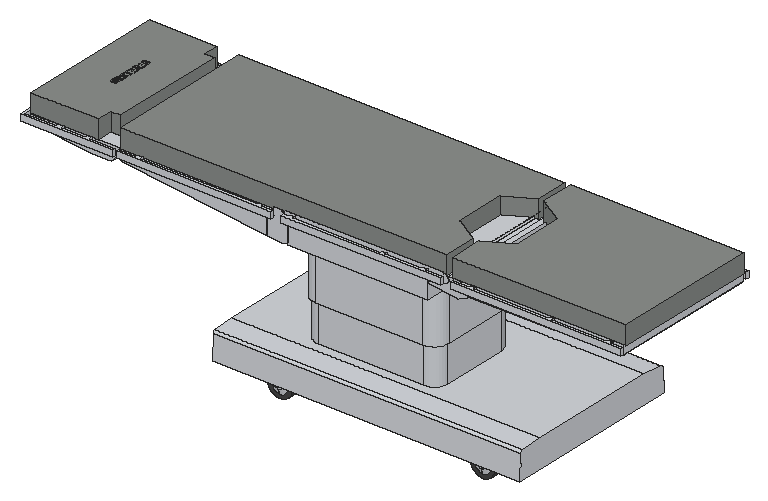
Revit family "R4095SurgicalTable", category Specialty Equipment, Revit 2017
Family settings
  Round Connector Dimension = Use Diameter
  Part Type = Normal
  Work Plane-Based = No
  Always vertical = Yes
  Cut with Voids When Loaded = No
  Shared = No
  Room Calculation Point = No
Parameters (values of type "STERIS 4095 General Surgical Table")
  Type Comments = ""
  Tag# = ""
  Model = "4095"
  Manufacturer = "STERIS Corporation"
  Equipment # = "ST013911002"
  Electrical Requirements = "100V, 50Hz, 4A; 100V, 60Hz, 4A; 120V, 50Hz, 4A; 120V, 60Hz, 4A; 220V, 50Hz, 4A; 220V, 60Hz, 4A; 230-240V, 50Hz, 4A; 230-240V, 60Hz, 4A"
  Drawing # = "056404-450 Rev 0"
  Description = "STERIS 4095 General Surgical Table"
  Assembly Code = "E1020810"
  AC Power From Site = yes
Reference planes (in)
  plane 1 "Center (Front/Back)": y = 0
  plane 2: z = 0
  plane 3 "Center (Left/Right)": x = 0
  plane 4 "AC Power": x = -13.45362
Forms (in)
  Revolve 1, solid
    sketch origin (-5.43749, -21.95277, 0.01707) x (-0.00133, 0.999999, 0) y (0, 0, 1)
      loop
        line (10.96329, 1.60091) -> (11.17929, 1.60091) -> (11.17929, 2.66732) -> (10.96329, 1.95457) -> (10.96329, 1.60091)
      axis (11.17929, 1.60091) -> (10.96329, 1.60091)
    angle from 0 to 360
  Extrusion 2, solid, material "Render Material 0-0-0"
    sketch origin (0.5492, 1.78433, 0.01707) x (0.999999, 0.00133, 0) y (0, 0, -1)
      loop
        circle (-6.01826, -1.64532) r 1.6622
    from -12.54848 to -11.17929
  Extrusion 3, solid
    sketch origin (0.57891, -20.30026, 0.01707) x (0.999999, 0.00133, 0) y (0, 0, -1)
      loop
        line (-9.35197, -4.38513) -> (-5.81306, -4.38513) -> (-5.41417, -1.99183)
        arc (-5.41417, -1.99183) -> (-5.69008, -1.41283) -> (-6.32866, -1.4728) r 0.55991
        line (-6.32866, -1.4728) -> (-9.35197, -4.03739) -> (-9.35197, -4.38513)
    from 9.2048 to 9.31523
  Extrusion 4, solid
    sketch origin (0.57891, 0.12396, 0.01707) x (0.999999, -0.00133, 0) y (0, 0, 1)
      loop
        line (-9.35197, 4.38513) -> (-9.35197, 4.03739) -> (-6.32866, 1.4728)
        arc (-6.32866, 1.4728) -> (-5.69008, 1.41283) -> (-5.41417, 1.99183) r 0.55991
        line (-5.41417, 1.99183) -> (-5.81306, 4.38513) -> (-9.35197, 4.38513)
    from 9.2048 to 9.31523
  Revolve 5, solid
    sketch origin (-5.43749, 1.78003, 0.01707) x (-0.00133, -0.999999, 0) y (0, 0, -1)
      loop
        line (10.96329, -1.60091) -> (10.96329, -1.95457) -> (11.17929, -2.66732) -> (11.17929, -1.60091) -> (10.96329, -1.60091)
      axis (11.17929, -1.60091) -> (10.96329, -1.60091)
    angle from 0 to 360
  Extrusion 6, solid, material "padding"
    sketch origin (38.25351, 179.97535, 24.65175) x (0, 1, 0) y (1, 0, 0)
      loop
        line (-189.94815, 2.24605) -> (-189.94815, -21.089) -> (-185.48878, -21.089) -> (-183.39592, -17.56918) -> (-176.50956, -17.56918) -> (-174.46427, -21.089) -> (-170, -21.089) -> (-170, 2.24605) -> (-189.94815, 2.24605)
      loop
        line (-170.046, -65.80804) -> (-170.046, -21.87118) -> (-174.46427, -21.87118) -> (-176.50956, -25.39099) -> (-183.39592, -25.39099) -> (-185.48878, -21.87118) -> (-189.99161, -21.87118) -> (-189.99161, -65.80804) -> (-170.046, -65.80804)
      loop
        line (-187.90579, -68.802) -> (-189.99215, -68.802) -> (-189.99215, -77.92744) -> (-170.046, -77.92744) -> (-170.046, -68.802) -> (-172.13182, -68.802) -> (-172.13182, -67.45491) -> (-187.90579, -67.45491) -> (-187.90579, -68.802)
    from 0 to 2.51768
  Extrusion 7, solid
    sketch origin (-0.47163, 6.80785, 21.27758) x (0, 1, 0) y (-1, 0, 0)
      loop
        line (-17.60799, 27.5565) -> (-17.25865, 27.5565) -> (-17.25865, 30.94595) -> (-16.8241, 30.94595) -> (-16.8241, 31.55431) -> (-17.25865, 31.55431) -> (-17.25865, 34.76994) -> (-16.8241, 34.76994) -> (-16.8241, 35.42176) -> (-17.25865, 35.42176) -> (-17.25865, 39.63684) -> (-14.60793, 39.63684) -> (-14.60793, 40.02793) -> (-17.60799, 40.02793) -> (-17.60799, 27.5565)
      loop
        line (3.55604, 39.63684) -> (3.55604, 35.42176) -> (3.1215, 35.42176) -> (3.1215, 34.76994) -> (3.55604, 34.76994) -> (3.55604, 31.55431) -> (3.1215, 31.55431) -> (3.1215, 30.94595) -> (3.55604, 30.94595) -> (3.55604, 27.5565) -> (3.94713, 27.5565) -> (3.94713, 40.02793) -> (0.94877, 40.02793) -> (0.94877, 39.63684) -> (3.55604, 39.63684)
    from 0 to 0.8565
  Extrusion 8, solid
    sketch origin (-0.47163, 6.8513, 21.285) x (0, 1, 0) y (-1, 0, 0)
      loop
        line (-17.60649, -40.9712) -> (-17.25865, -40.9712) -> (-17.25865, -39.36338) -> (-16.8241, -39.36338) -> (-16.8241, -38.71157) -> (-17.25865, -38.71157) -> (-17.25865, -31.41121) -> (-16.8241, -31.41121) -> (-16.8241, -30.80285) -> (-17.25865, -30.80285) -> (-17.25865, -20.80832) -> (-16.8241, -20.80832) -> (-16.8241, -20.15651) -> (-17.25865, -20.15651) -> (-17.25865, -18.02724) -> (-17.60649, -18.02724) -> (-17.60649, -40.9712)
      loop
        line (3.90368, -40.9712) -> (3.90368, -18.02724) -> (3.55604, -18.02724) -> (3.55604, -20.15651) -> (3.1215, -20.15651) -> (3.1215, -20.80832) -> (3.55604, -20.80832) -> (3.55604, -30.80285) -> (3.1215, -30.80285) -> (3.1215, -31.41121) -> (3.55604, -31.41121) -> (3.55604, -38.71157) -> (3.1215, -38.71157) -> (3.1215, -39.36338) -> (3.55604, -39.36338) -> (3.55604, -40.9712) -> (3.90368, -40.9712)
    from 0 to 0.84907
  Extrusion 9, solid
    sketch origin (-0.47163, 6.89888, 21.285) x (0, 1, 0) y (-1, 0, 0)
      loop
        line (-17.26277, -16.68015) -> (-17.26277, -14.29015) -> (-16.91513, -14.29015) -> (-16.91513, -13.68179) -> (-17.26277, -13.68179) -> (-17.26277, -8.77144) -> (-16.91513, -8.77144) -> (-16.91513, -8.24998) -> (-17.26277, -8.24998) -> (-17.26277, 3.61309) -> (-16.91513, 3.61309) -> (-16.91513, 4.178) -> (-17.26277, 4.178) -> (-17.26277, 4.87327) -> (-17.65386, 4.87327) -> (-17.65386, -16.68015) -> (-17.26277, -16.68015)
      loop
        line (3.46501, -16.68015) -> (3.85646, -16.68015) -> (3.85646, 4.87327) -> (3.46501, 4.87327) -> (3.46501, 4.178) -> (3.03047, 4.178) -> (3.03047, 3.61309) -> (3.46501, 3.61309) -> (3.46501, -8.24998) -> (3.03047, -8.24998) -> (3.03047, -8.77144) -> (3.46501, -8.77144) -> (3.46501, -13.68179) -> (3.03047, -13.68179) -> (3.03047, -14.29015) -> (3.46501, -14.29015) -> (3.46501, -16.68015)
    from 0 to 0.84907
  Extrusion 10, solid
    sketch origin (-0.47163, 6.8513, 21.285) x (0, 1, 0) y (-1, 0, 0)
      loop
        line (-17.25865, 6.26381) -> (-17.25865, 7.74126) -> (-16.86756, 7.74126) -> (-16.86756, 8.34963) -> (-17.25865, 8.34963) -> (-17.25865, 24.1236) -> (-16.86756, 24.1236) -> (-16.86756, 24.73196) -> (-17.25865, 24.73196) -> (-17.25865, 27.03505) -> (-17.61103, 27.03505) -> (-17.61103, 6.26381) -> (-17.25865, 6.26381)
      loop
        line (3.55604, 6.26381) -> (3.90597, 6.26381) -> (3.90597, 27.03505) -> (3.55604, 27.03505) -> (3.55604, 24.73196) -> (3.07804, 24.73196) -> (3.07804, 24.1236) -> (3.55604, 24.1236) -> (3.55604, 8.34963) -> (3.07804, 8.34963) -> (3.07804, 7.74126) -> (3.55604, 7.74126) -> (3.55604, 6.26381)
    from 0 to 0.84907
  Extrusion 11, solid
    sketch origin (-13.42743, 6.73401, 0) x (0, 1, 0) y (0, 0, 1)
      loop
        line (4.83567, 5.93999) -> (1.99866, 6.1838) -> (-15.64399, 6.1838) -> (-18.481, 5.93999)
        arc (-18.481, 5.93999) -> (-18.69156, 5.81809) -> (-18.81347, 5.60753) r 0.47213
        line (-18.81347, 5.60753) -> (-18.96861, 2.34942) -> (5.32328, 2.37156) -> (5.14597, 5.60753)
        arc (5.14597, 5.60753) -> (5.03077, 5.81104) -> (4.83567, 5.93999) r 0.50041
    from 0 to 41.46509
  Extrusion 12, solid
    sketch origin (7.20335, 4.80391, 5.03599) x (0, 1, 0) y (-1, 0, 0)
      loop
        arc (-12.45404, -4.29665) -> (-11.94164, -5.53368) -> (-10.70461, -6.04607) r 1.74942
        line (-10.70461, -6.04607) -> (-1.64967, -6.04607)
        arc (-1.64967, -6.04607) -> (-0.41264, -5.53368) -> (0.09975, -4.29665) r 1.74942
        line (0.09975, -4.29665) -> (0.09975, 10.20335)
        arc (0.09975, 10.20335) -> (-0.58475, 11.45496) -> (-1.92147, 11.9532) r 2.04226
        line (-1.92147, 11.9532) -> (-10.72829, 11.9532)
        arc (-10.72829, 11.9532) -> (-11.96295, 11.27411) -> (-12.45404, 9.95335) r 2.02162
        line (-12.45404, 9.95335) -> (-12.45404, -4.29665)
    from 1.16997 to 6.17906
  Extrusion 13, solid
    sketch origin (4.38086, 4.80391, 12.09579) x (0, 1, 0) y (-1, 0, 0)
      loop
        arc (-1.63153, -9.11856) -> (-0.24844, -8.51628) -> (0.32048, -7.11914) r 2
        line (0.32048, -7.11914) -> (0.32048, 7.38086)
        arc (0.32048, 7.38086) -> (-0.2739, 8.80363) -> (-1.70377, 9.38072) r 2
        line (-1.70377, 9.38072) -> (-10.72829, 9.38072)
        arc (-10.72829, 9.38072) -> (-12.1268, 8.78648) -> (-12.70404, 7.38086) r 2
        line (-12.70404, 7.38086) -> (-12.70404, -7.11914)
        arc (-12.70404, -7.11914) -> (-12.10118, -8.55021) -> (-10.65605, -9.11856) r 2
        line (-10.65605, -9.11856) -> (-1.63153, -9.11856)
    from -0.88073 to 6.25612
  Extrusion 14, solid
    sketch origin (-0.53429, -10.02465, -8.52694) x (-1, 0, 0) y (0, 0, 1)
      loop
        line (27.06005, 29.51638) -> (27.06005, 29.81195) -> (7.37829, 29.81195) -> (7.37829, 27.16699) -> (7.40046, 27.10049) -> (26.70543, 29.11743)
        arc (26.70543, 29.11743) -> (26.93571, 29.26982) -> (27.06005, 29.51638) r 0.53794
      loop
        line (7.33397, 29.81195) -> (6.38255, 29.81195) -> (6.38255, 30.82407) -> (5.2727, 30.82407)
        arc (5.2727, 30.82407) -> (5.13972, 30.75758) -> (5.07322, 30.62459) r 0.23509
        line (5.07322, 30.62459) -> (5.07322, 30.22564)
        arc (5.07322, 30.22564) -> (5.02879, 30.07139) -> (4.94024, 29.9375) r 0.53033
        line (4.94024, 29.9375) -> (4.47479, 29.50115) -> (4.47479, 27.20023) -> (4.60778, 27.10049)
        arc (4.60778, 27.10049) -> (5.06756, 26.92074) -> (5.56084, 26.90102) r 1.49053
        line (5.56084, 26.90102) -> (7.15665, 27.07833) -> (7.33397, 27.07833) -> (7.33397, 29.81195)
    from 0 to 19.99745
  Extrusion 15, solid
    sketch origin (0.57891, -0.13089, 0.01707) x (0.999999, 0.00133, 0) y (0, 0, -1)
      loop
        line (-9.35197, -4.38513) -> (-5.81306, -4.38513) -> (-5.41417, -1.99183)
        arc (-5.41417, -1.99183) -> (-5.69008, -1.41283) -> (-6.32866, -1.4728) r 0.55991
        line (-6.32866, -1.4728) -> (-9.35197, -4.03739) -> (-9.35197, -4.38513)
    from 9.2048 to 9.31523
  Extrusion 16, solid
    sketch origin (0.57891, 20.29333, 0.01707) x (0.999999, -0.00133, 0) y (0, 0, 1)
      loop
        line (-9.35197, 4.38513) -> (-9.35197, 4.03739) -> (-6.32866, 1.4728)
        arc (-6.32866, 1.4728) -> (-5.69008, 1.41283) -> (-5.41417, 1.99183) r 0.55991
        line (-5.41417, 1.99183) -> (-5.81306, 4.38513) -> (-9.35197, 4.38513)
    from 9.2048 to 9.31523
  Revolve 17, solid
    sketch origin (-5.43749, -1.78341, 0.01707) x (-0.00133, 0.999999, 0) y (0, 0, 1)
      loop
        line (10.96329, 1.60091) -> (11.17929, 1.60091) -> (11.17929, 2.66732) -> (10.96329, 1.95457) -> (10.96329, 1.60091)
      axis (11.17929, 1.60091) -> (10.96329, 1.60091)
    angle from 0 to 360
  Extrusion 18, solid, material "Render Material 0-0-0"
    sketch origin (0.5492, 21.95369, 0.01707) x (0.999999, 0.00133, 0) y (0, 0, -1)
      loop
        circle (-6.01826, -1.64532) r 1.6622
    from -12.54848 to -11.17929
  Revolve 19, solid
    sketch origin (-5.43749, 21.9494, 0.01707) x (-0.00133, -0.999999, 0) y (0, 0, -1)
      loop
        line (10.96329, -1.60091) -> (10.96329, -1.95457) -> (11.17929, -2.66732) -> (11.17929, -1.60091) -> (10.96329, -1.60091)
      axis (11.17929, -1.60091) -> (10.96329, -1.60091)
    angle from 0 to 360
  Revolve 20, solid
    sketch origin (21.93545, -21.95277, 0.01707) x (-0.00133, 0.999999, 0) y (0, 0, 1)
      loop
        line (10.96329, 1.60091) -> (11.17929, 1.60091) -> (11.17929, 2.66732) -> (10.96329, 1.95457) -> (10.96329, 1.60091)
      axis (11.17929, 1.60091) -> (10.96329, 1.60091)
    angle from 0 to 360
  Extrusion 21, solid, material "Render Material 0-0-0"
    sketch origin (27.92214, 1.78433, 0.01707) x (0.999999, 0.00133, 0) y (0, 0, -1)
      loop
        circle (-6.01826, -1.64532) r 1.6622
    from -12.54848 to -11.17929
  Extrusion 22, solid
    sketch origin (27.95185, -20.30026, 0.01707) x (0.999999, 0.00133, 0) y (0, 0, -1)
      loop
        line (-9.35197, -4.38513) -> (-5.81306, -4.38513) -> (-5.41417, -1.99183)
        arc (-5.41417, -1.99183) -> (-5.69008, -1.41283) -> (-6.32866, -1.4728) r 0.55991
        line (-6.32866, -1.4728) -> (-9.35197, -4.03739) -> (-9.35197, -4.38513)
    from 9.2048 to 9.31523
  Extrusion 23, solid
    sketch origin (27.95185, 0.12396, 0.01707) x (0.999999, -0.00133, 0) y (0, 0, 1)
      loop
        line (-9.35197, 4.38513) -> (-9.35197, 4.03739) -> (-6.32866, 1.4728)
        arc (-6.32866, 1.4728) -> (-5.69008, 1.41283) -> (-5.41417, 1.99183) r 0.55991
        line (-5.41417, 1.99183) -> (-5.81306, 4.38513) -> (-9.35197, 4.38513)
    from 9.2048 to 9.31523
  Revolve 24, solid
    sketch origin (21.93545, 1.78003, 0.01707) x (-0.00133, -0.999999, 0) y (0, 0, -1)
      loop
        line (10.96329, -1.60091) -> (10.96329, -1.95457) -> (11.17929, -2.66732) -> (11.17929, -1.60091) -> (10.96329, -1.60091)
      axis (11.17929, -1.60091) -> (10.96329, -1.60091)
    angle from 0 to 360
  Extrusion 25, solid
    sketch origin (27.95185, -0.13089, 0.01707) x (0.999999, 0.00133, 0) y (0, 0, -1)
      loop
        line (-9.35197, -4.38513) -> (-5.81306, -4.38513) -> (-5.41417, -1.99183)
        arc (-5.41417, -1.99183) -> (-5.69008, -1.41283) -> (-6.32866, -1.4728) r 0.55991
        line (-6.32866, -1.4728) -> (-9.35197, -4.03739) -> (-9.35197, -4.38513)
    from 9.2048 to 9.31523
  Extrusion 26, solid
    sketch origin (27.95185, 20.29333, 0.01707) x (0.999999, -0.00133, 0) y (0, 0, 1)
      loop
        line (-9.35197, 4.38513) -> (-9.35197, 4.03739) -> (-6.32866, 1.4728)
        arc (-6.32866, 1.4728) -> (-5.69008, 1.41283) -> (-5.41417, 1.99183) r 0.55991
        line (-5.41417, 1.99183) -> (-5.81306, 4.38513) -> (-9.35197, 4.38513)
    from 9.2048 to 9.31523
  Revolve 27, solid
    sketch origin (21.93545, -1.78341, 0.01707) x (-0.00133, 0.999999, 0) y (0, 0, 1)
      loop
        line (10.96329, 1.60091) -> (11.17929, 1.60091) -> (11.17929, 2.66732) -> (10.96329, 1.95457) -> (10.96329, 1.60091)
      axis (11.17929, 1.60091) -> (10.96329, 1.60091)
    angle from 0 to 360
  Extrusion 28, solid, material "Render Material 0-0-0"
    sketch origin (27.92214, 21.95369, 0.01707) x (0.999999, 0.00133, 0) y (0, 0, -1)
      loop
        circle (-6.01826, -1.64532) r 1.6622
    from -12.54848 to -11.17929
  Revolve 29, solid
    sketch origin (21.93545, 21.9494, 0.01707) x (-0.00133, -0.999999, 0) y (0, 0, -1)
      loop
        line (10.96329, -1.60091) -> (10.96329, -1.95457) -> (11.17929, -2.66732) -> (11.17929, -1.60091) -> (10.96329, -1.60091)
      axis (11.17929, -1.60091) -> (10.96329, -1.60091)
    angle from 0 to 360
  Extrusion 30, solid
    sketch origin (95.92597, 6.73401, 0.64276) x (0, 1, 0) y (-1, 0, 0)
      loop
        line (-0.55865, 69.83876) -> (-0.55865, 109.02496) -> (-12.95865, 109.02496) -> (-12.95865, 69.83876) -> (-0.55865, 69.83876)
    from 0 to 2.00004
  Extrusion 31, solid
    sketch origin (0, -10.02465, 0) x (0, 0, 1) y (1, 0, 0)
      loop
        line (20.50183, 13.80828) -> (18.35191, 13.80828) -> (18.35191, -5.00908) -> (21.3219, -5.00908) -> (21.3219, -5.27505)
        arc (21.3219, -5.27505) -> (21.88709, -5.43482) -> (22.45227, -5.27505) r 1.07958
        line (22.45227, -5.27505) -> (22.45227, 15.93603)
        arc (22.45227, 15.93603) -> (22.3657, 15.98471) -> (22.27496, 16.02511) r 1.06612
        line (22.27496, 16.02511) -> (22.27496, 16.15768)
        arc (22.27496, 16.15768) -> (21.77149, 16.68651) -> (21.18892, 16.24633) r 0.54837
        line (21.18892, 16.24633) -> (20.81213, 14.07425)
        arc (20.81213, 14.07425) -> (20.69855, 13.89277) -> (20.50183, 13.80828) r 0.35882
    from 0 to 20
  Extrusion 32, solid
    sketch origin (0, -10.02465, 0) x (0, 0, 1) y (1, 0, 0)
      loop
        line (19.95812, 17.74735) -> (20.39035, 13.81424)
        arc (20.39035, 13.81424) -> (20.65332, 13.85976) -> (20.81213, 14.07425) r 0.35882
        line (20.81213, 14.07425) -> (21.18892, 16.24633)
        arc (21.18892, 16.24633) -> (21.60383, 16.67435) -> (22.16414, 16.47088) r 0.54837
        line (22.16414, 16.47088) -> (22.16414, 17.42103) -> (21.47705, 17.42103)
        arc (21.47705, 17.42103) -> (21.36623, 17.46536) -> (21.3219, 17.57618) r 0.1515
        line (21.3219, 17.57618) -> (21.3219, 19.4823) -> (21.23325, 19.4823) -> (20.56306, 19.32053) -> (19.96989, 17.9973)
        arc (19.96989, 17.9973) -> (19.95256, 17.87287) -> (19.95812, 17.74735) r 0.68898
    from 0 to 20
  Extrusion 33, solid
    sketch origin (0, -10.02465, 0) x (0, 0, 1) y (1, 0, 0)
      loop
        line (20.72347, 19.70394) -> (20.81213, 19.61528) -> (22.23063, 19.61528) -> (22.23063, 40.36092) -> (21.03377, 40.36092) -> (20.96728, 40.29442) -> (20.96728, 37.47958) -> (21.03377, 37.41309) -> (21.3219, 37.41309) -> (21.3219, 32.44674)
        arc (21.3219, 32.44674) -> (20.9602, 31.66167) -> (20.72347, 30.83034) r 5.60684
        line (20.72347, 30.83034) -> (20.72347, 19.70394)
    from 0 to 20
  Extrusion 34, solid
    sketch origin (0, -10.0168, 0) x (0, 0, 1) y (1, 0, 0)
      loop
        line (20.16937, -31.60605) -> (20.98944, -39.3635)
        arc (20.98944, -39.3635) -> (21.10354, -39.5557) -> (21.27758, -39.69596) r 0.62987
        line (21.27758, -39.69596) -> (22.11519, -39.69596) -> (22.11519, -27.74949) -> (22.05332, -27.74949) -> (22.05332, -27.59434) -> (20.87862, -27.59434) -> (20.87862, -27.74949) -> (21.03377, -27.74949) -> (21.03377, -27.90464)
        arc (21.03377, -27.90464) -> (20.99344, -28.03115) -> (20.90078, -28.12628) r 0.28899
        arc (20.90078, -28.12628) -> (20.44258, -28.45386) -> (20.2137, -28.96852) r 1.07204
        line (20.2137, -28.96852) -> (20.16937, -29.25665) -> (20.16937, -31.60605)
    from 0 to 19.99215
  Extrusion 35, void
    sketch origin (39.46697, 179.97535, 24.61142) x (-1, 0, 0) y (0, 1, 0)
      loop
        line (73.37233, -182.83621) -> (73.37233, -182.7629)
        arc (73.37233, -182.7629) -> (73.37646, -182.72718) -> (73.38863, -182.69335) r 0.15651
        line (73.38863, -182.69335) -> (73.42862, -182.61274)
        arc (73.42862, -182.61274) -> (73.44687, -182.56199) -> (73.45307, -182.50842) r 0.23477
        line (73.45307, -182.50842) -> (73.45307, -182.08588)
        arc (73.45307, -182.08588) -> (73.44687, -182.03231) -> (73.42862, -181.98157) r 0.23477
        line (73.42862, -181.98157) -> (73.38863, -181.90095)
        arc (73.38863, -181.90095) -> (73.37646, -181.86712) -> (73.37233, -181.83141) r 0.15651
        line (73.37233, -181.83141) -> (73.37233, -181.7581) -> (73.29135, -181.7581) -> (73.29135, -181.81057)
        arc (73.29135, -181.81057) -> (73.29737, -181.86338) -> (73.31511, -181.91348) r 0.23477
        line (73.31511, -181.91348) -> (73.3562, -181.99774)
        arc (73.3562, -181.99774) -> (73.36802, -182.03114) -> (73.37203, -182.06634) r 0.15651
        line (73.37203, -182.06634) -> (73.37203, -182.52903)
        arc (73.37203, -182.52903) -> (73.36802, -182.56423) -> (73.3562, -182.59763) r 0.15651
        line (73.3562, -182.59763) -> (73.31511, -182.68189)
        arc (73.31511, -182.68189) -> (73.29737, -182.73199) -> (73.29135, -182.7848) r 0.23477
        line (73.29135, -182.7848) -> (73.29135, -182.83621) -> (73.37233, -182.83621)
      loop
        line (73.67304, -178.92249) -> (73.32329, -178.92249)
        arc (73.32329, -178.92249) -> (73.29966, -178.9127) -> (73.28988, -178.88908) r 0.03341
        line (73.28988, -178.88908) -> (73.28988, -179.06127)
        arc (73.28988, -179.06127) -> (73.29966, -179.03765) -> (73.32329, -179.02786) r 0.03341
        line (73.32329, -179.02786) -> (74.09943, -179.02786)
        arc (74.09943, -179.02786) -> (74.12305, -179.03765) -> (74.13284, -179.06127) r 0.03341
        line (74.13284, -179.06127) -> (74.13284, -178.80534)
        arc (74.13284, -178.80534) -> (74.12836, -178.75571) -> (74.11505, -178.70768) r 0.27693
        arc (74.11505, -178.70768) -> (74.09412, -178.6649) -> (74.06553, -178.62681) r 0.25241
        arc (74.06553, -178.62681) -> (74.03048, -178.59537) -> (73.98982, -178.57164) r 0.23257
        arc (73.98982, -178.57164) -> (73.90294, -178.55281) -> (73.81606, -178.57164) r 0.20983
        arc (73.81606, -178.57164) -> (73.7754, -178.59537) -> (73.74035, -178.62681) r 0.23257
        arc (73.74035, -178.62681) -> (73.70808, -178.67112) -> (73.68613, -178.72135) r 0.25241
        line (73.68613, -178.72135) -> (73.32898, -178.47049)
        arc (73.32898, -178.47049) -> (73.30024, -178.43764) -> (73.28988, -178.39524) r 0.09196
        line (73.28988, -178.39524) -> (73.28988, -178.49685)
        arc (73.28988, -178.49685) -> (73.29851, -178.53219) -> (73.32246, -178.55956) r 0.07663
        line (73.32246, -178.55956) -> (73.67304, -178.80581) -> (73.67304, -178.92249)
      loop
        arc (73.77086, -178.69452) -> (73.74762, -178.71852) -> (73.72982, -178.74679) r 0.16167
        arc (73.72982, -178.74679) -> (73.71961, -178.77528) -> (73.71615, -178.80535) r 0.13228
        line (73.71615, -178.80535) -> (73.71615, -178.92249) -> (74.08973, -178.92249) -> (74.08973, -178.80535)
        arc (74.08973, -178.80535) -> (74.08627, -178.77528) -> (74.07607, -178.74679) r 0.13228
        arc (74.07607, -178.74679) -> (74.05826, -178.71852) -> (74.03503, -178.69452) r 0.16167
        arc (74.03503, -178.69452) -> (74.00696, -178.67501) -> (73.97583, -178.66091) r 0.18821
        arc (73.97583, -178.66091) -> (73.90294, -178.6486) -> (73.83006, -178.66091) r 0.22202
        arc (73.83006, -178.66091) -> (73.79893, -178.67501) -> (73.77086, -178.69452) r 0.18821
      loop
        line (73.44316, -182.83621) -> (73.52414, -182.83621) -> (73.52414, -182.72742)
        arc (73.52414, -182.72742) -> (73.52827, -182.69171) -> (73.54044, -182.65788) r 0.15651
        line (73.54044, -182.65788) -> (73.58042, -182.57726)
        arc (73.58042, -182.57726) -> (73.59868, -182.52652) -> (73.60487, -182.47294) r 0.23477
        line (73.60487, -182.47294) -> (73.60487, -182.12136)
        arc (73.60487, -182.12136) -> (73.59868, -182.06779) -> (73.58042, -182.01704) r 0.23477
        line (73.58042, -182.01704) -> (73.54044, -181.93643)
        arc (73.54044, -181.93643) -> (73.52827, -181.9026) -> (73.52414, -181.86688) r 0.15651
        line (73.52414, -181.86688) -> (73.52414, -181.7581) -> (73.44316, -181.7581) -> (73.44316, -181.84605)
        arc (73.44316, -181.84605) -> (73.44917, -181.89886) -> (73.46691, -181.94896) r 0.23477
        line (73.46691, -181.94896) -> (73.50802, -182.03326)
        arc (73.50802, -182.03326) -> (73.51985, -182.06666) -> (73.52386, -182.10186) r 0.15651
        line (73.52386, -182.10186) -> (73.52386, -182.49334)
        arc (73.52386, -182.49334) -> (73.51968, -182.52927) -> (73.50737, -182.56328) r 0.15651
        line (73.50737, -182.56328) -> (73.4679, -182.64231)
        arc (73.4679, -182.64231) -> (73.44942, -182.69332) -> (73.44316, -182.74721) r 0.23477
        line (73.44316, -182.74721) -> (73.44316, -182.83621)
      loop
        line (73.67594, -182.83621) -> (73.67594, -182.69195)
        arc (73.67594, -182.69195) -> (73.68007, -182.65623) -> (73.69224, -182.6224) r 0.15651
        line (73.69224, -182.6224) -> (73.73223, -182.54178)
        arc (73.73223, -182.54178) -> (73.75048, -182.49104) -> (73.75668, -182.43747) r 0.23477
        line (73.75668, -182.43747) -> (73.75668, -182.1571)
        arc (73.75668, -182.1571) -> (73.75048, -182.10353) -> (73.73223, -182.05278) r 0.23477
        line (73.73223, -182.05278) -> (73.69224, -181.97216)
        arc (73.69224, -181.97216) -> (73.68007, -181.93833) -> (73.67594, -181.90262) r 0.15651
        line (73.67594, -181.90262) -> (73.67594, -181.7581) -> (73.59496, -181.7581) -> (73.59496, -181.88278)
        arc (73.59496, -181.88278) -> (73.60122, -181.93663) -> (73.61966, -181.9876) r 0.23477
        line (73.61966, -181.9876) -> (73.65918, -182.06681)
        arc (73.65918, -182.06681) -> (73.67147, -182.10079) -> (73.67564, -182.13669) r 0.15651
        line (73.67564, -182.13669) -> (73.67564, -182.45781)
        arc (73.67564, -182.45781) -> (73.67144, -182.49387) -> (73.65903, -182.52798) r 0.15651
        line (73.65903, -182.52798) -> (73.61988, -182.60604)
        arc (73.61988, -182.60604) -> (73.60127, -182.65722) -> (73.59496, -182.7113) r 0.23477
        line (73.59496, -182.7113) -> (73.59496, -182.83621) -> (73.67594, -182.83621)
      loop
        line (73.74676, -182.83621) -> (73.82775, -182.83621) -> (73.82775, -182.65621)
        arc (73.82775, -182.65621) -> (73.83188, -182.62049) -> (73.84405, -182.58666) r 0.15651
        line (73.84405, -182.58666) -> (73.88403, -182.50605)
        arc (73.88403, -182.50605) -> (73.90229, -182.4553) -> (73.90848, -182.40173) r 0.23477
        line (73.90848, -182.40173) -> (73.90848, -182.19257)
        arc (73.90848, -182.19257) -> (73.90229, -182.139) -> (73.88403, -182.08826) r 0.23477
        line (73.88403, -182.08826) -> (73.84405, -182.00764)
        arc (73.84405, -182.00764) -> (73.83188, -181.97381) -> (73.82775, -181.9381) r 0.15651
        line (73.82775, -181.9381) -> (73.82775, -181.7581) -> (73.74676, -181.7581) -> (73.74676, -181.91831)
        arc (73.74676, -181.91831) -> (73.75303, -181.9722) -> (73.7715, -182.02321) r 0.23477
        line (73.7715, -182.02321) -> (73.81098, -182.10224)
        arc (73.81098, -182.10224) -> (73.82329, -182.13625) -> (73.82747, -182.17217) r 0.15651
        line (73.82747, -182.17217) -> (73.82747, -182.42213)
        arc (73.82747, -182.42213) -> (73.82329, -182.45806) -> (73.81098, -182.49207) r 0.15651
        line (73.81098, -182.49207) -> (73.7715, -182.57109)
        arc (73.7715, -182.57109) -> (73.75303, -182.62211) -> (73.74676, -182.676) r 0.23477
        line (73.74676, -182.676) -> (73.74676, -182.83621)
      loop
        arc (73.89857, -181.953) -> (73.90458, -182.0058) -> (73.92232, -182.0559) r 0.23477
        line (73.92232, -182.0559) -> (73.96342, -182.14016)
        arc (73.96342, -182.14016) -> (73.97524, -182.17356) -> (73.97925, -182.20877) r 0.15651
        line (73.97925, -182.20877) -> (73.97925, -182.3858)
        arc (73.97925, -182.3858) -> (73.97524, -182.421) -> (73.96342, -182.4544) r 0.15651
        line (73.96342, -182.4544) -> (73.92232, -182.53866)
        arc (73.92232, -182.53866) -> (73.90458, -182.58876) -> (73.89857, -182.64157) r 0.23477
        line (73.89857, -182.64157) -> (73.89857, -182.83621) -> (73.97955, -182.83621) -> (73.97955, -182.62137)
        arc (73.97955, -182.62137) -> (73.98354, -182.58628) -> (73.99529, -182.55298) r 0.15651
        line (73.99529, -182.55298) -> (74.03668, -182.46779)
        arc (74.03668, -182.46779) -> (74.0543, -182.41783) -> (74.06028, -182.36519) r 0.23477
        line (74.06028, -182.36519) -> (74.06028, -182.22937)
        arc (74.06028, -182.22937) -> (74.0543, -182.17674) -> (74.03668, -182.12678) r 0.23477
        line (74.03668, -182.12678) -> (73.99529, -182.04159)
        arc (73.99529, -182.04159) -> (73.98354, -182.00828) -> (73.97955, -181.97319) r 0.15651
        line (73.97955, -181.97319) -> (73.97955, -181.7581) -> (73.89857, -181.7581) -> (73.89857, -181.953)
      loop
        line (74.05037, -182.83621) -> (74.13135, -182.83621) -> (74.13135, -182.58561)
        arc (74.13135, -182.58561) -> (74.13535, -182.55048) -> (74.14712, -182.51714) r 0.15651
        line (74.14712, -182.51714) -> (74.18844, -182.4322)
        arc (74.18844, -182.4322) -> (74.2061, -182.3822) -> (74.21209, -182.32951) r 0.23477
        line (74.21209, -182.32951) -> (74.21209, -182.2648)
        arc (74.21209, -182.2648) -> (74.2061, -182.21211) -> (74.18844, -182.1621) r 0.23477
        line (74.18844, -182.1621) -> (74.14712, -182.07716)
        arc (74.14712, -182.07716) -> (74.13535, -182.04383) -> (74.13135, -182.0087) r 0.15651
        line (74.13135, -182.0087) -> (74.13135, -181.7581) -> (74.05037, -181.7581) -> (74.05037, -181.98848)
        arc (74.05037, -181.98848) -> (74.05639, -182.04129) -> (74.07413, -182.09139) r 0.23477
        line (74.07413, -182.09139) -> (74.11524, -182.17569)
        arc (74.11524, -182.17569) -> (74.12707, -182.20909) -> (74.13108, -182.24429) r 0.15651
        line (74.13108, -182.24429) -> (74.13108, -182.35001)
        arc (74.13108, -182.35001) -> (74.12707, -182.38522) -> (74.11524, -182.41862) r 0.15651
        line (74.11524, -182.41862) -> (74.07413, -182.50292)
        arc (74.07413, -182.50292) -> (74.05639, -182.55302) -> (74.05037, -182.60583) r 0.23477
        line (74.05037, -182.60583) -> (74.05037, -182.83621)
      loop
        arc (73.93972, -177.20048) -> (74.05705, -177.27271) -> (74.09405, -177.40543) r 0.18879
        arc (74.09405, -177.40543) -> (73.98514, -177.52694) -> (73.83602, -177.46069) r 0.13866
        line (73.83602, -177.46069) -> (73.72631, -177.27068)
        arc (73.72631, -177.27068) -> (73.65766, -177.19794) -> (73.56366, -177.16379) r 0.21666
        arc (73.56366, -177.16379) -> (73.36429, -177.23171) -> (73.29114, -177.42921) r 0.24522
        arc (73.29114, -177.42921) -> (73.3248, -177.54572) -> (73.39968, -177.64111) r 0.31758
        line (73.39968, -177.64111) -> (73.52505, -177.64111) -> (73.40857, -177.56964)
        arc (73.40857, -177.56964) -> (73.3348, -177.38092) -> (73.49638, -177.25864) r 0.16789
        arc (73.49638, -177.25864) -> (73.57301, -177.27918) -> (73.62911, -177.33527) r 0.15326
        line (73.62911, -177.33527) -> (73.73074, -177.5113)
        arc (73.73074, -177.5113) -> (73.87257, -177.61677) -> (74.04658, -177.5858) r 0.22285
        arc (74.04658, -177.5858) -> (74.0766, -177.5598) -> (74.09893, -177.52695) r 0.15326
        arc (74.09893, -177.52695) -> (74.13208, -177.36033) -> (74.0746, -177.20048) r 0.31758
        line (74.0746, -177.20048) -> (73.93972, -177.20048)
      loop
        line (74.13284, -180.68) -> (74.13284, -180.10004) -> (74.0369, -180.10004)
        arc (74.0369, -180.10004) -> (74.07093, -180.11414) -> (74.08502, -180.14817) r 0.04813
        line (74.08502, -180.14817) -> (74.08502, -180.33733) -> (73.32329, -180.33733)
        arc (73.32329, -180.33733) -> (73.29966, -180.32755) -> (73.28988, -180.30392) r 0.03341
        line (73.28988, -180.30392) -> (73.28988, -180.47612)
        arc (73.28988, -180.47612) -> (73.29966, -180.45249) -> (73.32329, -180.4427) r 0.03341
        line (73.32329, -180.4427) -> (74.08502, -180.4427) -> (74.08502, -180.63187)
        arc (74.08502, -180.63187) -> (74.07093, -180.6659) -> (74.0369, -180.68) r 0.04813
        line (74.0369, -180.68) -> (74.13284, -180.68)
      loop
        line (73.32329, -179.80305) -> (74.09943, -179.80305)
        arc (74.09943, -179.80305) -> (74.12305, -179.81283) -> (74.13284, -179.83646) r 0.03341
        line (74.13284, -179.83646) -> (74.13284, -179.38586) -> (74.05544, -179.37693)
        arc (74.05544, -179.37693) -> (74.07655, -179.38789) -> (74.08502, -179.41012) r 0.03341
        line (74.08502, -179.41012) -> (74.08502, -179.69791) -> (73.76868, -179.69791) -> (73.76868, -179.48203)
        arc (73.76868, -179.48203) -> (73.77847, -179.45841) -> (73.80209, -179.44862) r 0.03341
        line (73.80209, -179.44862) -> (73.68745, -179.44862)
        arc (73.68745, -179.44862) -> (73.71108, -179.45841) -> (73.72086, -179.48203) r 0.03341
        line (73.72086, -179.48203) -> (73.72086, -179.69791) -> (73.3377, -179.69791) -> (73.3377, -179.42681)
        arc (73.3377, -179.42681) -> (73.36117, -179.36091) -> (73.42103, -179.3247) r 0.10422
        line (73.42103, -179.3247) -> (73.28988, -179.35153) -> (73.28988, -179.83646)
        arc (73.28988, -179.83646) -> (73.29966, -179.81283) -> (73.32329, -179.80305) r 0.03341
      loop
        arc (74.13284, -177.98596) -> (74.12305, -178.00959) -> (74.09943, -178.01937) r 0.03341
        line (74.09943, -178.01937) -> (73.32329, -178.01937)
        arc (73.32329, -178.01937) -> (73.29966, -178.00959) -> (73.28988, -177.98596) r 0.03341
        line (73.28988, -177.98596) -> (73.28988, -178.15816)
        arc (73.28988, -178.15816) -> (73.29966, -178.13453) -> (73.32329, -178.12475) r 0.03341
        line (73.32329, -178.12475) -> (74.09943, -178.12475)
        arc (74.09943, -178.12475) -> (74.12305, -178.13453) -> (74.13284, -178.15816) r 0.03341
        line (74.13284, -178.15816) -> (74.13284, -177.98596)
      loop
        line (73.52505, -181.36985) -> (73.40857, -181.29837)
        arc (73.40857, -181.29837) -> (73.3348, -181.10965) -> (73.49638, -180.98738) r 0.16789
        arc (73.49638, -180.98738) -> (73.57301, -181.00791) -> (73.62911, -181.06401) r 0.15326
        line (73.62911, -181.06401) -> (73.73074, -181.24003)
        arc (73.73074, -181.24003) -> (73.87257, -181.3455) -> (74.04658, -181.31454) r 0.22285
        arc (74.04658, -181.31454) -> (74.0766, -181.28853) -> (74.09893, -181.25568) r 0.15326
        arc (74.09893, -181.25568) -> (74.13208, -181.08907) -> (74.0746, -180.92921) r 0.31758
        line (74.0746, -180.92921) -> (73.93972, -180.92921)
        arc (73.93972, -180.92921) -> (74.05705, -181.00145) -> (74.09405, -181.13416) r 0.18879
        arc (74.09405, -181.13416) -> (73.98514, -181.25568) -> (73.83602, -181.18942) r 0.13866
        line (73.83602, -181.18942) -> (73.72631, -180.99941)
        arc (73.72631, -180.99941) -> (73.65766, -180.92668) -> (73.56366, -180.89253) r 0.21666
        arc (73.56366, -180.89253) -> (73.36429, -180.96044) -> (73.29114, -181.15795) r 0.24522
        arc (73.29114, -181.15795) -> (73.3248, -181.27445) -> (73.39968, -181.36985) r 0.31758
        line (73.39968, -181.36985) -> (73.52505, -181.36985)
    from 0.0625 to -0.0625
Cuts and joins
  Extrusion 35 cuts Extrusion 6
Lines and regions (in)
  symbolic lines, style "AMSHIDDEN"
    curve 1: arc (0.30418, 7.75662, 0) -> (0.61668, 8.19117, 0) -> (0.30418, 8.62571, 0) r 0.45838
    curve 2: arc (0.30418, -8.58226, 0) -> (0.62242, -8.16944, 0) -> (0.30418, -7.75662, 0) r 0.42687
    curve 3: arc (-5.3449, 3.49808, 0) -> (-5.77944, -1.32536, 0) -> (-5.3449, -6.14881, 0) r 26.9874
    curve 4: line (-4.60617, -8.14771, 0) -> (-4.60617, -7.58281, 0)
    curve 5: line (-4.60617, -7.58281, 0) -> (-5.90981, -7.58281, 0)
    curve 6: line (-5.90981, -7.58281, 0) -> (-5.90981, -7.62626, 0)
    curve 7: line (-6.95272, -6.0619, 0) -> (-5.3449, -6.0619, 0)
    curve 8: line (-6.95272, 3.41118, 0) -> (-5.3449, 3.41118, 0)
    curve 9: line (0.30418, 8.62571, 0) -> (-2.12927, 8.62571, 0)
    curve 10: line (-2.12927, 8.62571, 0) -> (-2.12927, 9.92935, 0)
    curve 11: line (-2.21618, 9.92935, 0) -> (-2.21618, -10.01626, 0)
    curve 12: line (-4.56272, 7.58281, 0) -> (-5.90981, 7.58281, 0)
    curve 13: line (-5.90981, 7.58281, 0) -> (-5.90981, 7.66971, 0)
    curve 14: line (-5.77944, -8.14771, 0) -> (-4.56272, -8.14771, 0)
    curve 15: line (-6.56162, 9.32098, 0) -> (-4.60617, 9.32098, 0)
    curve 16: line (-4.60617, 9.32098, 0) -> (-4.60617, 8.19117, 0)
    curve 17: line (-4.60617, 8.19117, 0) -> (-6.56162, 8.19117, 0)
    curve 18: line (-6.56162, -8.19117, 0) -> (-4.64963, -8.19117, 0)
    curve 19: line (-4.64963, -8.19117, 0) -> (-4.64963, -9.32098, 0)
    curve 20: line (-4.64963, -9.32098, 0) -> (-6.56162, -9.32098, 0)
    curve 21: line (-5.77944, 8.14771, 0) -> (-4.56272, 8.14771, 0)
    curve 22: line (-6.56162, 7.66971, 0) -> (-5.77944, 7.66971, 0)
    curve 23: line (-5.77944, 7.66971, 0) -> (-5.77944, 8.19117, 0)
    curve 24: line (-6.56162, -9.36444, 0) -> (-4.56272, -9.36444, 0)
    curve 25: line (-6.56162, 9.36444, 0) -> (-4.56272, 9.36444, 0)
    curve 26: line (0.30418, 7.75662, 0) -> (-2.12927, 7.75662, 0)
    curve 27: line (-2.12927, 7.75662, 0) -> (-2.12927, -7.75662, 0)
    curve 28: line (-2.12927, -7.75662, 0) -> (0.30418, -7.75662, 0)
    curve 29: line (0.30418, -8.58226, 0) -> (-2.12927, -8.58226, 0)
    curve 30: line (-2.12927, -8.58226, 0) -> (-2.12927, -9.92935, 0)
    curve 31: line (-6.56162, 9.92935, 0) -> (-6.56162, 7.53935, 0)
    curve 32: line (-6.56162, 7.53935, 0) -> (-6.95272, 7.53935, 0)
    curve 33: line (-6.95272, 7.53935, 0) -> (-6.95272, -7.62626, 0)
    curve 34: line (-6.95272, -7.62626, 0) -> (-5.77944, -7.62626, 0)
    curve 35: line (-5.77944, -7.62626, 0) -> (-5.77944, -8.19117, 0)
    curve 36: line (-6.56162, -7.62626, 0) -> (-6.56162, -10.01626, 0)
    curve 37: line (-4.56272, -10.01626, 0) -> (-4.56272, -7.4959, 0)
    curve 38: line (-4.56272, -7.4959, 0) -> (-5.3449, -7.4959, 0)
    curve 39: line (-5.3449, -7.4959, 0) -> (-5.3449, 7.4959, 0)
    curve 40: line (-5.3449, 7.4959, 0) -> (-4.56272, 7.4959, 0)
    curve 41: line (-4.56272, 7.4959, 0) -> (-4.56272, 9.92935, 0)
    curve 42: line (-13.42743, 9.92935, 0) -> (-13.42743, -10.01626, 0)
    curve 43: line (26.59414, -9.9728, 0) -> (28.20195, -5.81566, 0)
    curve 44: line (28.20195, -5.81566, 0) -> (28.20195, 5.37416, 0)
    curve 45: line (28.20195, 5.37416, 0) -> (26.49459, 9.9728, 0)
    curve 46: line (-13.42743, 10.40735, 0) -> (-13.42743, 10.75498, 0)
    curve 47: line (-13.42743, -10.40735, 0) -> (-13.42743, -10.75498, 0)
    curve 48: line (26.42032, -10.40735, 0) -> (26.28995, -10.73325, 0)
    curve 49: line (26.20419, 10.75498, 0) -> (26.33325, 10.40735, 0)
    curve 50: arc (11.5, -7.90012, 0) -> (12.91421, -7.31433, 0) -> (13.5, -5.90012, 0) r 2
    curve 51: arc (13.5, 3.1244, 0) -> (12.91421, 4.53861, 0) -> (11.5, 5.1244, 0) r 2
    curve 52: arc (-5, -5.90012, 0) -> (-4.41421, -7.31433, 0) -> (-3, -7.90012, 0) r 2
    curve 53: arc (-3, 5.1244, 0) -> (-4.41421, 4.53861, 0) -> (-5, 3.1244, 0) r 2
    curve 54: line (13.5, 3.1244, 0) -> (13.5, -5.90012, 0)
    curve 55: line (-5, 3.1244, 0) -> (-5, -5.90012, 0)
    curve 56: line (11.5, -7.90012, 0) -> (-3, -7.90012, 0)
    curve 57: line (11.5, 5.1244, 0) -> (-3, 5.1244, 0)
    curve 215: arc (0.30418, 7.75662, 0) -> (0.61668, 8.19117, 0) -> (0.30418, 8.62571, 0) r 0.45838
    curve 216: arc (0.30418, -8.58226, 0) -> (0.62242, -8.16944, 0) -> (0.30418, -7.75662, 0) r 0.42687
    curve 217: arc (-5.3449, 3.49808, 0) -> (-5.77944, -1.32536, 0) -> (-5.3449, -6.14881, 0) r 26.9874
    curve 218: line (-4.60617, -8.14771, 0) -> (-4.60617, -7.58281, 0)
    curve 219: line (-4.60617, -7.58281, 0) -> (-5.90981, -7.58281, 0)
    curve 220: line (-5.90981, -7.58281, 0) -> (-5.90981, -7.62626, 0)
    curve 221: line (-6.95272, -6.0619, 0) -> (-5.3449, -6.0619, 0)
    curve 222: line (-6.95272, 3.41118, 0) -> (-5.3449, 3.41118, 0)
    curve 223: line (0.30418, 8.62571, 0) -> (-2.12927, 8.62571, 0)
    curve 224: line (-2.12927, 8.62571, 0) -> (-2.12927, 9.92935, 0)
    curve 225: line (-2.21618, 9.92935, 0) -> (-2.21618, -10.01626, 0)
    curve 226: line (-4.56272, 7.58281, 0) -> (-5.90981, 7.58281, 0)
    curve 227: line (-5.90981, 7.58281, 0) -> (-5.90981, 7.66971, 0)
    curve 228: line (-5.77944, -8.14771, 0) -> (-4.56272, -8.14771, 0)
    curve 229: line (-6.56162, 9.32098, 0) -> (-4.60617, 9.32098, 0)
    curve 230: line (-4.60617, 9.32098, 0) -> (-4.60617, 8.19117, 0)
    curve 231: line (-4.60617, 8.19117, 0) -> (-6.56162, 8.19117, 0)
    curve 232: line (-6.56162, -8.19117, 0) -> (-4.64963, -8.19117, 0)
    curve 233: line (-4.64963, -8.19117, 0) -> (-4.64963, -9.32098, 0)
    curve 234: line (-4.64963, -9.32098, 0) -> (-6.56162, -9.32098, 0)
    curve 235: line (-5.77944, 8.14771, 0) -> (-4.56272, 8.14771, 0)
    curve 236: line (-6.56162, 7.66971, 0) -> (-5.77944, 7.66971, 0)
    curve 237: line (-5.77944, 7.66971, 0) -> (-5.77944, 8.19117, 0)
    curve 238: line (-6.56162, -9.36444, 0) -> (-4.56272, -9.36444, 0)
    curve 239: line (-6.56162, 9.36444, 0) -> (-4.56272, 9.36444, 0)
    curve 240: line (0.30418, 7.75662, 0) -> (-2.12927, 7.75662, 0)
    curve 241: line (-2.12927, 7.75662, 0) -> (-2.12927, -7.75662, 0)
    curve 242: line (-2.12927, -7.75662, 0) -> (0.30418, -7.75662, 0)
    curve 243: line (0.30418, -8.58226, 0) -> (-2.12927, -8.58226, 0)
    curve 244: line (-2.12927, -8.58226, 0) -> (-2.12927, -9.92935, 0)
    curve 245: line (-6.56162, 9.92935, 0) -> (-6.56162, 7.53935, 0)
    curve 246: line (-6.56162, 7.53935, 0) -> (-6.95272, 7.53935, 0)
    curve 247: line (-6.95272, 7.53935, 0) -> (-6.95272, -7.62626, 0)
    curve 248: line (-6.95272, -7.62626, 0) -> (-5.77944, -7.62626, 0)
    curve 249: line (-5.77944, -7.62626, 0) -> (-5.77944, -8.19117, 0)
    curve 250: line (-6.56162, -7.62626, 0) -> (-6.56162, -10.01626, 0)
    curve 251: line (-4.56272, -10.01626, 0) -> (-4.56272, -7.4959, 0)
    curve 252: line (-4.56272, -7.4959, 0) -> (-5.3449, -7.4959, 0)
    curve 253: line (-5.3449, -7.4959, 0) -> (-5.3449, 7.4959, 0)
    curve 254: line (-5.3449, 7.4959, 0) -> (-4.56272, 7.4959, 0)
    curve 255: line (-4.56272, 7.4959, 0) -> (-4.56272, 9.92935, 0)
    curve 256: line (-13.42743, 9.92935, 0) -> (-13.42743, -10.01626, 0)
    curve 257: line (26.59414, -9.9728, 0) -> (28.20195, -5.81566, 0)
    curve 258: line (28.20195, -5.81566, 0) -> (28.20195, 5.37416, 0)
    curve 259: line (28.20195, 5.37416, 0) -> (26.49459, 9.9728, 0)
    curve 260: line (-13.42743, 10.40735, 0) -> (-13.42743, 10.75498, 0)
    curve 261: line (-13.42743, -10.40735, 0) -> (-13.42743, -10.75498, 0)
    curve 262: line (26.42032, -10.40735, 0) -> (26.28995, -10.73325, 0)
    curve 263: line (26.20419, 10.75498, 0) -> (26.33325, 10.40735, 0)
    curve 264: arc (11.5, -7.90012, 0) -> (12.91421, -7.31433, 0) -> (13.5, -5.90012, 0) r 2
    curve 265: arc (13.5, 3.1244, 0) -> (12.91421, 4.53861, 0) -> (11.5, 5.1244, 0) r 2
    curve 266: arc (-5, -5.90012, 0) -> (-4.41421, -7.31433, 0) -> (-3, -7.90012, 0) r 2
    curve 267: arc (-3, 5.1244, 0) -> (-4.41421, 4.53861, 0) -> (-5, 3.1244, 0) r 2
    curve 268: line (13.5, 3.1244, 0) -> (13.5, -5.90012, 0)
    curve 269: line (-5, 3.1244, 0) -> (-5, -5.90012, 0)
    curve 270: line (11.5, -7.90012, 0) -> (-3, -7.90012, 0)
    curve 271: line (11.5, 5.1244, 0) -> (-3, 5.1244, 0)
  symbolic lines, style "AMSUTILITIES"
    curve 58: circle (-13.42743, 0, 0) r 1 normal (0, 0, 1)
    curve 272: circle (-13.42743, 0, 0) r 1 normal (0, 0, 1)
    curve 429: circle (-13.45362, -19.25, 1.5) r 1 normal (0, -1, 0)
    curve 704: circle (-113.45362, -19.25, 1.5) r 1 normal (0, -1, 0)
    curve 979: circle (-1.46555, 0, 1.5) r 1 normal (-1, 0, 0)
    curve 1185: circle (-1.46555, -36, 1.5) r 1 normal (-1, 0, 0)
  symbolic lines, style "AMSCLINE"
    curve 59: line (0, -3, 0) -> (0, 3, 0)
    curve 60: line (3, 0, 0) -> (-3, 0, 0)
    curve 273: line (0, -3, 0) -> (0, 3, 0)
    curve 274: line (3, 0, 0) -> (-3, 0, 0)
    curve 430: line (0, -19.25, 0) -> (0, -19.25, 35.29209)
    curve 705: line (-100, -19.25, 0) -> (-100, -19.25, 35.29209)
    curve 980: line (-1.46555, 0, 30.73887) -> (-1.46555, 0, 0)
    curve 1186: line (-1.46555, -36, 30.73887) -> (-1.46555, -36, 0)
  symbolic lines, style "AMSMOVEMENT"
    curve 61: line (-40.49957, 10.75498, 0) -> (-49.49957, 10.75498, 0)
    curve 62: line (-49.49957, 10.75498, 0) -> (-49.49957, -10.79844, 0)
    curve 63: line (-49.49957, -10.79844, 0) -> (-40.49957, -10.79844, 0)
    curve 64: line (40.49957, -10.75498, 0) -> (49.49957, -10.75498, 0)
    curve 65: line (49.49957, -10.75498, 0) -> (49.49957, 10.75498, 0)
    curve 66: line (49.49957, 10.75498, 0) -> (40.49957, 10.75498, 0)
    curve 275: line (-40.49957, 10.75498, 0) -> (-49.49957, 10.75498, 0)
    curve 276: line (-49.49957, 10.75498, 0) -> (-49.49957, -10.79844, 0)
    curve 277: line (-49.49957, -10.79844, 0) -> (-40.49957, -10.79844, 0)
    curve 278: line (40.49957, -10.75498, 0) -> (49.49957, -10.75498, 0)
    curve 279: line (49.49957, -10.75498, 0) -> (49.49957, 10.75498, 0)
    curve 280: line (49.49957, 10.75498, 0) -> (40.49957, 10.75498, 0)
  symbolic lines, style "AMSEQUIP"
    curve 67: line (-32.02594, -10.01626, 0) -> (-32.02594, -10.4508, 0)
    curve 68: line (-35.24158, -10.01626, 0) -> (-35.24158, -10.4508, 0)
    curve 69: line (-35.89339, -10.01626, 0) -> (-35.89339, -10.4508, 0)
    curve 70: line (-27.98468, -9.0168, 0) -> (-27.98468, -10.01626, 0)
    curve 71: line (-27.98468, -10.01626, 0) -> (-39.67393, -10.01626, 0)
    curve 72: line (-39.67393, -10.01626, 0) -> (-39.67393, 9.92935, 0)
    curve 73: line (-39.67393, 9.92935, 0) -> (-28.02813, 9.92935, 0)
    curve 74: line (-28.02813, 9.92935, 0) -> (-28.02813, 9.79898, 0)
    curve 75: line (-28.02813, 9.79898, 0) -> (-27.98226, 8.97335, 0)
    curve 76: line (-27.98226, 8.97335, 0) -> (-30.54849, 8.97335, 0)
    curve 77: line (-31.41758, -10.4508, 0) -> (-31.41758, -10.01626, 0)
    curve 78: line (-35.89339, 10.36389, 0) -> (-35.89339, 9.92935, 0)
    curve 79: line (-35.24158, 10.36389, 0) -> (-35.24158, 9.92935, 0)
    curve 80: line (-32.02594, 10.36389, 0) -> (-32.02594, 9.92935, 0)
    curve 81: line (-31.41758, 10.36389, 0) -> (-31.41758, 9.92935, 0)
    curve 82: line (-30.54849, -10.01626, 0) -> (-30.54849, -7.93044, 0)
    curve 83: line (-30.54849, -7.93044, 0) -> (-29.2014, -7.93044, 0)
    curve 84: line (-29.2014, -7.93044, 0) -> (-29.2014, 7.84353, 0)
    curve 85: line (-30.54849, 8.92989, 0) -> (-27.55013, 8.92989, 0)
    curve 86: line (-27.55013, 7.93044, 0) -> (-30.54849, 7.93044, 0)
    curve 87: line (-29.54904, 8.92989, 0) -> (-29.54904, 8.97335, 0)
    curve 88: line (-28.89722, 8.97335, 0) -> (-28.89722, 8.92989, 0)
    curve 89: line (-40.10848, -10.4508, 0) -> (-40.10848, -7.80008, 0)
    curve 90: line (-40.10848, -7.80008, 0) -> (-40.49957, -7.80008, 0)
    curve 91: line (-40.49957, -7.80008, 0) -> (-40.49957, -10.79844, 0)
    curve 92: line (-40.49957, -10.79844, 0) -> (-28.02813, -10.79844, 0)
    curve 93: line (-28.02813, -10.79844, 0) -> (-28.02813, -10.4508, 0)
    curve 94: line (-28.02813, -10.4508, 0) -> (-40.10848, -10.4508, 0)
    curve 95: line (-28.02813, 10.36389, 0) -> (-40.10848, 10.36389, 0)
    curve 96: line (-40.10848, 10.36389, 0) -> (-40.10848, 7.75662, 0)
    curve 97: line (-40.10848, 7.75662, 0) -> (-40.49957, 7.75662, 0)
    curve 98: line (-40.49957, 7.75662, 0) -> (-40.49957, 10.75498, 0)
    curve 99: line (-40.49957, 10.75498, 0) -> (-28.02813, 10.75498, 0)
    curve 100: line (-28.02813, 10.75498, 0) -> (-28.02813, 10.36389, 0)
    curve 101: line (-27.55013, -9.0168, 0) -> (-30.54849, -9.0168, 0)
    curve 102: line (-30.54849, -8.01735, 0) -> (-27.55013, -8.01735, 0)
    curve 103: line (-30.54849, 9.92935, 0) -> (-30.54849, 7.84353, 0)
    curve 104: line (-30.54849, 7.84353, 0) -> (-29.2014, 7.84353, 0)
    curve 105: line (38.89175, -9.9728, 0) -> (38.89175, -10.40735, 0)
    curve 106: line (38.89175, 9.9728, 0) -> (38.89175, 10.40735, 0)
    curve 107: line (38.23993, -9.9728, 0) -> (38.23993, -10.40735, 0)
    curve 108: line (38.23993, 9.9728, 0) -> (38.23993, 10.40735, 0)
    curve 109: line (30.93958, -9.9728, 0) -> (30.93958, -10.40735, 0)
    curve 110: line (30.33122, -9.9728, 0) -> (30.33122, -10.40735, 0)
    curve 111: line (30.33122, 9.9728, 0) -> (30.33122, 10.40735, 0)
    curve 112: line (19.68487, 10.40735, 0) -> (19.68487, 9.9728, 0)
    curve 113: line (19.68487, -9.9728, 0) -> (19.68487, -10.40735, 0)
    curve 114: line (40.49957, -10.40735, 0) -> (40.49957, -10.75498, 0)
    curve 115: line (40.49957, -10.75498, 0) -> (17.55561, -10.75498, 0)
    curve 116: line (17.55561, -10.75498, 0) -> (17.55561, -10.40735, 0)
    curve 117: line (17.55561, -10.40735, 0) -> (40.49957, -10.40735, 0)
    curve 118: line (16.38234, 8.19117, 0) -> (16.64306, 8.19117, 0)
    curve 119: line (16.64306, 8.19117, 0) -> (16.64306, 7.58281, 0)
    curve 120: line (16.38234, 9.32098, 0) -> (16.64306, 9.32098, 0)
    curve 121: line (16.64306, 9.32098, 0) -> (16.64306, 9.88589, 0)
    curve 122: line (16.55615, -8.19117, 0) -> (16.55615, -8.32153, 0)
    curve 123: line (16.55615, -8.49535, 0) -> (16.55615, -9.32098, 0)
    curve 124: line (16.55615, 8.19117, 0) -> (16.55615, 9.32098, 0)
    curve 125: line (16.46924, -8.19117, 0) -> (16.46924, -8.32153, 0)
    curve 126: line (17.16452, -9.88589, 0) -> (16.38234, -9.88589, 0)
    curve 127: line (13.81852, -9.92935, 0) -> (13.81852, -10.36389, 0)
    curve 128: line (17.16452, -8.49535, 0) -> (16.38234, -8.49535, 0)
    curve 129: line (17.16452, -8.32153, 0) -> (16.38234, -8.32153, 0)
    curve 130: line (17.16452, -7.58281, 0) -> (16.38234, -7.58281, 0)
    curve 131: line (13.21016, 10.36389, 0) -> (13.21016, 9.92935, 0)
    curve 132: line (16.38234, -7.4959, 0) -> (16.68652, -7.4959, 0)
    curve 133: line (16.68652, -7.4959, 0) -> (16.68652, -6.97444, 0)
    curve 134: line (16.68652, -6.97444, 0) -> (16.38234, -6.97444, 0)
    curve 135: line (8.2998, -9.92935, 0) -> (8.2998, -10.36389, 0)
    curve 136: line (7.77835, -10.36389, 0) -> (7.77835, -9.92935, 0)
    curve 137: line (20.33669, -10.40735, 0) -> (20.33669, -9.9728, 0)
    curve 138: line (17.55561, 10.75498, 0) -> (17.55561, 10.40735, 0)
    curve 139: line (17.55561, 10.40735, 0) -> (40.49957, 10.40735, 0)
    curve 140: line (40.49957, 10.40735, 0) -> (40.49957, 10.75498, 0)
    curve 141: line (40.49957, 10.75498, 0) -> (17.55561, 10.75498, 0)
    curve 142: line (13.21016, -9.92935, 0) -> (13.21016, -10.36389, 0)
    curve 143: line (16.38234, 6.97444, 0) -> (16.68652, 6.97444, 0)
    curve 144: line (16.68652, 6.97444, 0) -> (16.68652, 7.4959, 0)
    curve 145: line (16.68652, 7.4959, 0) -> (16.38234, 7.4959, 0)
    curve 146: line (17.16452, 7.58281, 0) -> (16.38234, 7.58281, 0)
    curve 147: line (-4.64963, -10.01626, 0) -> (-4.64963, -10.36389, 0)
    curve 148: line (-4.08472, -10.36389, 0) -> (-4.08472, -10.01626, 0)
    curve 149: line (16.20852, -10.75498, 0) -> (16.20852, -10.36389, 0)
    curve 150: line (16.20852, -10.36389, 0) -> (-5.3449, -10.36389, 0)
    curve 151: line (-5.3449, -10.36389, 0) -> (-5.3449, -10.75498, 0)
    curve 152: line (-5.3449, -10.75498, 0) -> (16.20852, -10.75498, 0)
    curve 153: line (7.77835, 9.92935, 0) -> (7.77835, 10.36389, 0)
    curve 154: line (8.2998, 10.36389, 0) -> (8.2998, 9.92935, 0)
    curve 155: line (13.81852, 9.92935, 0) -> (13.81852, 10.36389, 0)
    curve 156: line (-4.08472, 9.9728, 0) -> (-4.08472, 10.36389, 0)
    curve 157: line (-4.64963, 10.36389, 0) -> (-4.64963, 9.92935, 0)
    curve 158: line (16.20852, 10.36389, 0) -> (-5.3449, 10.36389, 0)
    curve 159: line (-5.3449, 10.36389, 0) -> (-5.3449, 10.75498, 0)
    curve 160: line (-5.3449, 10.75498, 0) -> (16.20852, 10.75498, 0)
    curve 161: line (16.20852, 10.75498, 0) -> (16.20852, 10.36389, 0)
    curve 162: line (30.93958, 9.9728, 0) -> (30.93958, 10.40735, 0)
    curve 163: line (20.33669, 9.9728, 0) -> (20.33669, 10.40735, 0)
    curve 164: line (-8.21289, -10.01626, 0) -> (-8.21289, -10.40735, 0)
    curve 165: line (-8.82126, -10.40735, 0) -> (-8.82126, -10.01626, 0)
    curve 166: line (-8.21289, 10.40735, 0) -> (-8.21289, 9.92935, 0)
    curve 167: line (-8.82126, 9.92935, 0) -> (-8.82126, 10.40735, 0)
    curve 168: line (-13.42743, -10.01626, 0) -> (-13.42743, -10.40735, 0)
    curve 169: line (-13.42743, 9.92935, 0) -> (-13.42743, 10.40735, 0)
    curve 170: line (-24.59523, 10.40735, 0) -> (-24.59523, 9.92935, 0)
    curve 171: line (-24.59523, -10.01626, 0) -> (-24.59523, -10.40735, 0)
    curve 172: line (-25.20359, 9.92935, 0) -> (-25.20359, 10.40735, 0)
    curve 173: line (-25.20359, -10.01626, 0) -> (-25.20359, -10.40735, 0)
    curve 174: line (-6.73544, 10.75498, 0) -> (-27.50668, 10.75498, 0)
    curve 175: line (-27.50668, 10.75498, 0) -> (-27.50668, 10.40735, 0)
    curve 176: line (-27.50668, 10.40735, 0) -> (-6.73544, 10.40735, 0)
    curve 177: line (-6.73544, 10.40735, 0) -> (-6.73544, 10.75498, 0)
    curve 178: line (-6.73544, -10.40735, 0) -> (-27.50668, -10.40735, 0)
    curve 179: line (-27.50668, -10.40735, 0) -> (-27.50668, -10.75498, 0)
    curve 180: line (-27.50668, -10.75498, 0) -> (-6.73544, -10.75498, 0)
    curve 181: line (-6.73544, -10.75498, 0) -> (-6.73544, -10.40735, 0)
    curve 182: line (16.38234, -10.01626, 0) -> (16.38234, -5.51343, 0)
    curve 183: line (16.38234, -5.51343, 0) -> (12.86252, -3.42057, 0)
    curve 184: line (12.86252, -3.42057, 0) -> (12.86252, 3.46579, 0)
    curve 185: line (12.86252, 3.46579, 0) -> (16.38234, 5.51108, 0)
    curve 186: line (16.38234, 5.51108, 0) -> (16.38234, 9.92935, 0)
    curve 187: line (16.38234, 9.92935, 0) -> (-27.55013, 9.92935, 0)
    curve 188: line (-27.55013, 9.92935, 0) -> (-27.55013, -10.01626, 0)
    curve 189: line (-27.55013, -10.01626, 0) -> (16.38234, -10.01626, 0)
    curve 190: line (26.42032, -10.40735, 0) -> (26.59414, -9.9728, 0)
    curve 191: line (17.16452, -9.84244, 0) -> (16.64306, -9.84244, 0)
    curve 192: line (16.64306, -9.88589, 0) -> (16.64306, -9.32098, 0)
    curve 193: line (16.64306, -9.32098, 0) -> (16.38234, -9.32098, 0)
    curve 194: line (17.16452, -7.62626, 0) -> (16.64306, -7.62626, 0)
    curve 195: line (16.64306, -7.58281, 0) -> (16.64306, -8.19117, 0)
    curve 196: line (16.64306, -8.19117, 0) -> (16.38234, -8.19117, 0)
    curve 197: line (17.16452, 9.84244, 0) -> (16.64306, 9.84244, 0)
    curve 198: line (17.16452, 7.66971, 0) -> (16.64306, 7.66971, 0)
    curve 199: line (17.16452, 9.88589, 0) -> (16.38234, 9.88589, 0)
    curve 200: line (17.16452, -9.9728, 0) -> (40.49957, -9.9728, 0)
    curve 201: line (40.49957, -9.9728, 0) -> (40.49957, 9.9728, 0)
    curve 202: line (40.49957, 9.9728, 0) -> (17.16452, 9.9728, 0)
    curve 203: line (17.16452, 9.9728, 0) -> (17.16452, 5.51108, 0)
    curve 204: line (17.16452, 5.51108, 0) -> (20.68433, 3.46579, 0)
    curve 205: line (20.68433, 3.46579, 0) -> (20.68433, -3.42057, 0)
    curve 206: line (20.68433, -3.42057, 0) -> (17.16452, -5.51343, 0)
    curve 207: line (17.16452, -5.51343, 0) -> (17.16452, -9.9728, 0)
    curve 208: line (26.28995, -10.75498, 0) -> (25.73486, -12.18898, 0)
    curve 209: line (25.73486, -12.18898, 0) -> (-13.42743, -12.18898, 0)
    curve 210: line (-13.42743, -12.18898, 0) -> (-13.42743, -10.75498, 0)
    curve 211: line (-13.42743, 10.75498, 0) -> (-13.42743, 12.01516, 0)
    curve 212: line (-13.42743, 12.01516, 0) -> (25.73631, 12.01516, 0)
    curve 213: line (25.73631, 12.01516, 0) -> (26.20419, 10.75498, 0)
    curve 214: line (26.33325, 10.40735, 0) -> (26.49459, 9.9728, 0)
    curve 281: line (-32.02594, -10.01626, 0) -> (-32.02594, -10.4508, 0)
    curve 282: line (-35.24158, -10.01626, 0) -> (-35.24158, -10.4508, 0)
    curve 283: line (-35.89339, -10.01626, 0) -> (-35.89339, -10.4508, 0)
    curve 284: line (-27.98468, -9.0168, 0) -> (-27.98468, -10.01626, 0)
    curve 285: line (-27.98468, -10.01626, 0) -> (-39.67393, -10.01626, 0)
    curve 286: line (-39.67393, -10.01626, 0) -> (-39.67393, 9.92935, 0)
    curve 287: line (-39.67393, 9.92935, 0) -> (-28.02813, 9.92935, 0)
